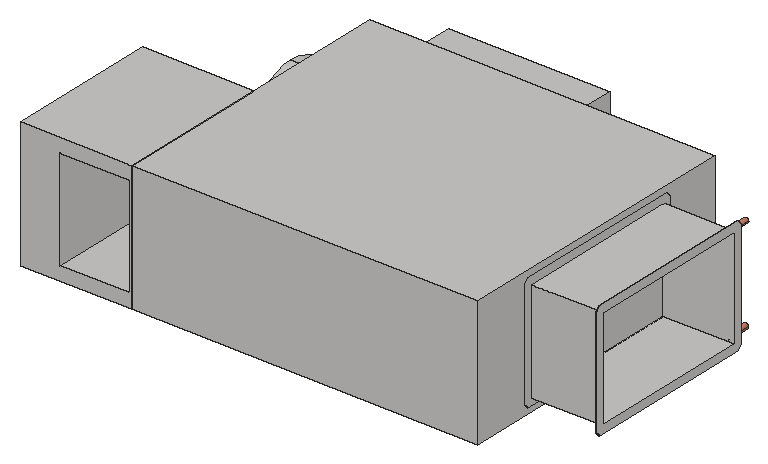
Revit family
Parameters
  Width = 3' - 1"
  Voltage = 208 V
  Unit Weight = if(and(Size Option = 1, Number of Rows = 1), "189.0 lbs", if(and(Size Option = 1, Number of Rows = 2), "192.0 lbs", if(and(Size Option = 2, Number of Rows = 1), "194.0 lbs", if(and(Size Option = 2, Number of Rows = 2), "197.0 lbs", "0"))))  # "189.0 lbs"
  UltraLoc Liner = Choose Liner Option = 3  # no
  URL = "http://www.titus-hvac.com/"
  UL = "181"
  Supply Air Flow [instance] = 0 CFM
  SteriLoc Liner = Choose Liner Option = 2  # no
  Size Option = 1
  Size C = Size Option = 2  # no
  Size B = Size Option = 1  # yes
  Secondary Material = Copper Connectors
  Primary Air Pressure Drop [instance] = 0.00 in-wg
  Primary Air Flow [instance] = 0 CFM
  Pressure [instance] = 0.00 psi
  Plenum Air Pressure Drop [instance] = 0.00 in-wg
  Plenum Air Flow [instance] = 0 CFM
  Outlet Width = 1' - 8 1/2"
  Outlet Height = 1' - 0 1/2"
  Number of Rows = 1
  Number of Poles = 2
  Nominal Width = Width + 0' 6 1/4"  # 3' - 7 1/4"
  Nominal Length = Length + 1' 1 7/8" + 0' 9"  # 5' - 5 7/8"
  Nominal Inlet Size = 1' - 0"
  Nominal Height = 1' - 4"
  NFPA = "90A"
  Motor Full Load Amps [instance] = 0.9 A
  Model = "DTFS-F"
  Min. Air Flow = 0 CFM
  Max. Air Flow = 2000 CFM
  Material = Galvanized Steel
  Manufacturer = "Titus"
  Length = 3' - 7"
  Juction Box Offset = 0' - 4 7/8"
  Inlet Diameter = Nominal Inlet Size - 0' 0 1/8"  # 0' - 11 7/8"
  Induced Air Inlet Width = 1' - 1 7/8"
  Induced Air Inlet Offset = (Height - Induced Air Inlet Connection Height) / 2  # 0' - 1 11/16"
  Induced Air Inlet Height = 1' - 7"
  Induced Air Inlet Connection Width = 0' - 8 3/4"
  Induced Air Inlet Connection Height = 1' - 0 5/8"
  Induced Air Filter = no
  Height = 1' - 4"
  Heating Total Capacity [instance] = 0 Btu/h
  Heating Entering Water Temp = 0 °F
  Half Outlet Connection Width = Outlet Width / 2  # 0' - 10 1/4"
  Half Outlet Connection Height = Outlet Height / 2  # 0' - 6 1/4"
  Half Height Start = -(Height / 2)  # -0' - 8"
  Half Height End = Height / 2  # 0' - 8"
  HWC Option = HWC Section : B-C - 1 Row
  HWC Connector Radius = 5/16"
  HP-Motor = "1/6"
  Gallons Per Minute [instance] = 0 GPM
  Frequency = 60 Hz
  Flange Offset = 0' - 1"
  Filter Size = "11\"x14\""
  Fiber Free Liner = Choose Liner Option = 1  # no
  Fan Disconnect Switch = no
  Duct Radius = Nominal Inlet Size / 2  # 0' - 6"
  Description = "Ultra Quiet Series Fan Powered Terminal Unit, Direct Digital Control, Pressure Independent"
  Connector Vertical Offset = 0' - 11 3/4"
  HWC Connector Length = 0' - 3"
  Connector Horizontal Offset = if(Number of Rows = 1, 0' 0", if(Number of Rows = 2, 0' 1", 0' 0"))  # 0' - 0"
  Connection Void Radius = Connection Radius - 0' 0 1/4"  # 0' - 5 11/16"
  Connection Radius = Inlet Diameter / 2  # 0' - 5 15/16"
  Choose Liner Option = 0
  CADworks URL = "www.CADworks.net"
  Assembly Code = "D3040100"
  Apparent Power [instance] = Voltage * Motor Full Load Amps  # 187.2 VA
  Air Inlet Offset = 0' - 8"
  1/2" Fiberglass Liner = Choose Liner Option = 0  # yes
  1" Fiberglass Liner = Choose Liner Option = 4  # no
Reference planes (in)
  plane 1 "Center (Front/Back)": y = 0
  plane 2: z = 0
  plane 3 "Center (Left/Right)": x = 3
  plane 4: x = -18.5
  plane 5: x = 24.5
  plane 6: x = -13.625
  plane 7: x = -21.875
  plane 8: z = 0
  plane 9: y = -18.5
  plane 10: y = 18.5
  plane 11: y = 10.5
  plane 12: z = 0
  plane 13: x = 33.5
  plane 14: x = 32.5
  plane 15: y = 13.25
  plane 16: y = 10.25
  plane 17: z = 5.875
  plane 18: z = -5.875
  plane 19: x = 32.5
  plane 20: y = 24.75
  plane 21: x = -32.375
  plane 22: z = 8
  plane 23: z = -8
Forms (in)
  Extrusion 1, solid, material "Galvanized Steel" <- "Material"
    sketch origin (0, 0, 0) x (1, 0, 0) y (0, 1, 0)
      loop
        line (-18.5, 18.5) -> (-18.5, -18.5) -> (24.5, -18.5) -> (24.5, 18.5) -> (-18.5, 18.5)
    from -8 <- "Half Height Start" to 8 <- "Half Height End"
  Extrusion 2, solid, material "Galvanized Steel" <- "Material"
    sketch origin (0, 0, 0) x (1, 0, 0) y (0, 1, 0)
      loop
        line (-32.375, 0.5) -> (-32.375, -18.5) -> (-18.5, -18.5) -> (-18.5, 0.5) -> (-32.375, 0.5)
    from -8 <- "Half Height Start" to 8 <- "Half Height End"
  Extrusion 3, void
    sketch origin (0, -18.5, 0) x (1, 0, 0) y (0, 0, -1)
      loop
        line (-18.75, 6.3125) -> (-27.5, 6.3125) -> (-27.5, -6.3125) -> (-18.75, -6.3125) -> (-18.75, 6.3125)
    from 0 to 16
  Extrusion 4, solid, material "Galvanized Steel" <- "Material"
    sketch origin (5, 0, 30) x (1, 0, 0) y (0, 1, 0)
      loop
        line (-18.625, 18.5) -> (1.375, 18.5) -> (1.375, 24.75) -> (-18.625, 24.75) -> (-18.625, 18.5)
    from -36 to -24
  Extrusion 5, solid, material "Galvanized Steel" <- "Material"
    sketch origin (-24.875, -2, 0) x (0, 0, -1) y (0, 1, 0)
      loop
        circle (0, 12.5) r 5.9375
    from 3 to 6.375
  Extrusion 6, void
    sketch origin (-24.875, 0, 0) x (0, 1, 0) y (0, 0, 1)
      loop
        circle (10.5, 0) r 5.6875
    from 3 to 11.25
  Extrusion 7, void, detail levels fine
    sketch origin (33.5, -10.25, 6.25) x (0, 0, 1) y (0, -1, 0)
      loop
        line (-12.5, 0) -> (-12.5, -20.5) -> (0, -20.5) -> (0, 0) -> (-12.5, 0)
    from -0.0625 to 0
  Extrusion 8, solid, material "Copper Connectors" <- "Secondary Material", detail levels fine
    sketch origin (0, 0, 0) x (1, 0, 0) y (0, 0, 1)
      loop
        circle (32.5, 5.875) r 0.3125
    from -13.25 to -10.3125
  Extrusion 9, solid, material "Copper Connectors" <- "Secondary Material", detail levels fine
    sketch origin (0, 0, 0) x (1, 0, 0) y (0, 0, 1)
      loop
        circle (32.5, -5.875) r 0.3125
    from -13.25 to -10.3125
Cuts and joins
  Extrusion 3 cuts Extrusion 2
  Extrusion 6 cuts Extrusion 1
  Extrusion 6 cuts Extrusion 5
Dimensions and locks (in)
  "Length": plane 5 to plane 4
  equal spacing: plane 5, plane 3 "Center (Left/Right)", plane 4
  locked: Extrusion 4 to plane 6 at 0
  locked: Extrusion 4 to Extrusion 4 at 20
  "Juction Box Offset": plane 6 to plane 4
  locked: plane 4 to plane 7 at 3.375
  "Width": plane 9 to plane 10
  equal spacing: plane 9, plane 1 "Center (Front/Back)", plane 10
  locked: Extrusion 5 sketch curve to level at 0
  locked: Extrusion 5 sketch curve to plane 11 at 0
  locked: Extrusion 6 sketch curve to level at 0
  locked: Extrusion 6 sketch curve to plane 11 at 0
  locked: Extrusion 4 to Extrusion 4 at 6.25
  locked: Extrusion 4 to Extrusion 4 at 12
  equal spacing: Extrusion 4, plane 8, Extrusion 4
  "Air Inlet Offset": plane 10 to plane 11
  "Induced Air Inlet Height": cut or joined group of Extrusion 2, Extrusion 3 to cut or joined group of Extrusion 2, Extrusion 3
  locked: cut or joined group of Extrusion 5, Extrusion 6 to cut or joined group of Extrusion 5, Extrusion 6 at 3.375
  "Induced Air Inlet Connection Height": Extrusion 3 sketch curve to Extrusion 3 sketch curve
  "Induced Air Inlet Offset": Extrusion 3 sketch curve to cut or joined group of Extrusion 2, Extrusion 3
  "Induced Air Inlet Connection Width": Extrusion 3 sketch curve to Extrusion 3 sketch curve
  locked: Extrusion 3 sketch curve to cut or joined group of Extrusion 1, Extrusion 6 at 0.25
  locked: plane 5 to plane 13 at 9
  locked: plane 14 to plane 13 at 1
  locked: plane 17 to plane 18 at 11.75
  equal spacing: plane 17, plane 12, plane 18
  "Connector Horizontal Offset": plane 19 to plane 14
  "HWC Connector Length": plane 16 to plane 15
  locked: cut or joined group of Extrusion 2, Extrusion 3 to cut or joined group of Extrusion 2, Extrusion 3 at 16
  equal spacing: cut or joined group of Extrusion 2, Extrusion 3, plane 12, cut or joined group of Extrusion 2, Extrusion 3
  locked: cut or joined group of Extrusion 1, Extrusion 6 to cut or joined group of Extrusion 2, Extrusion 3 at 16
  equal spacing: cut or joined group of Extrusion 1, Extrusion 6, plane 12, cut or joined group of Extrusion 1, Extrusion 6
  locked: cut or joined group of Extrusion 2, Extrusion 3 to cut or joined group of Extrusion 2, Extrusion 3 at 13.875
  locked: nested 1 to cut or joined group of Extrusion 1, Extrusion 6 at 1.6875
  locked: cut or joined group of Extrusion 1, Extrusion 6 to nested 1 at 1.6875
  "Connection Radius": radius of Extrusion 5 sketch curve
  "Connection Void Radius": radius of Extrusion 6 sketch curve
  "HWC Connector Radius": radius of Extrusion 8 sketch curve
  "HWC Connector Radius": radius of Extrusion 9 sketch curve
  aligned and locked: plane 10 to Extrusion 4
  aligned and locked: plane 7 to cut or joined group of Extrusion 5, Extrusion 6
  aligned and locked: plane 9 to cut or joined group of Extrusion 2, Extrusion 3  (x3)
  aligned and locked: nested 1 to Extrusion 8
  aligned and locked: plane 15 to Extrusion 8
  aligned and locked: nested 1 to Extrusion 9
  aligned and locked: plane 15 to Extrusion 9
  aligned and locked: plane 5 to cut or joined group of Extrusion 1, Extrusion 6
  aligned and locked: cut or joined group of Extrusion 1, Extrusion 6 to plane 10
  aligned and locked: plane 9 to cut or joined group of Extrusion 1, Extrusion 6
  aligned and locked: cut or joined group of Extrusion 1, Extrusion 6 to plane 4
  aligned and locked: cut or joined group of Extrusion 1, Extrusion 6 to nested 1
  aligned and locked: cut or joined group of Extrusion 5, Extrusion 6 to cut or joined group of Extrusion 1, Extrusion 6
  aligned and locked: cut or joined group of Extrusion 2, Extrusion 3 to cut or joined group of Extrusion 1, Extrusion 6
  aligned and locked: plane 6 to Extrusion 6
  aligned and locked: Extrusion 6 to plane 7
  aligned and locked: plane 22 to cut or joined group of Extrusion 2, Extrusion 3
  aligned and locked: plane 22 to cut or joined group of Extrusion 1, Extrusion 6
  aligned and locked: plane 23 to cut or joined group of Extrusion 2, Extrusion 3
  aligned and locked: plane 23 to cut or joined group of Extrusion 1, Extrusion 6
  aligned and locked: plane 20 to Extrusion 4
  aligned and locked: plane 13 to nested 1
  aligned and locked: plane 21 to cut or joined group of Extrusion 2, Extrusion 3
Automatic sketch dimensions
  Extrusion 1 sketch curve to plane 4 = 0' - 0"
  Extrusion 1 sketch curve to plane 5 = 0' - 0"
  Extrusion 1 sketch curve to plane 9 = 0' - 0"
  Extrusion 1 sketch curve to plane 10 = 0' - 0"
  Extrusion 2 sketch curve to plane 4 = 0' - 0"
  Extrusion 2 sketch curve to plane 9 = 0' - 0"
  Extrusion 2 sketch curve to plane 1 "Center (Front/Back)" = 0' - 0 1/2"
  Extrusion 4 sketch curve to plane 6 = 0' - 0"
  Extrusion 4 sketch curve to plane 10 = 0' - 0"
  plane 3 "Center (Left/Right)" to Extrusion 4 sketch curve = 0' - 3 3/8"
  Extrusion 4 sketch curve to plane 10 = 0' - 6 1/4"
  Extrusion 2 sketch curve to plane 7 = 0' - 10 1/2"
  Extrusion 7 sketch curve to nested 1 = 0' - 0"  (x4)
  Extrusion 8 sketch curve to plane 17 = 0' - 0"
  Extrusion 8 sketch curve to plane 19 = 0' - 0"
  Extrusion 9 sketch curve to plane 14 = 0' - 0"
  Extrusion 9 sketch curve to plane 18 = 0' - 0"
Nested families (in)
  nested 1: "HWC Section" at (29, 0, 0) x (0, 1, 0) z (0, 0, 1), type <- "HWC Option", type "B-C - 1 Row"
Connectors (in)
  electrical at (-3.625, 24.75, 0), driven by "Apparent Power", driven by "Voltage", driven by "Number of Poles"
    settings: on Extrusion 4, index 8
  hvac at (-21.875, 10.5, 0), driven by "Duct Radius", driven by "Primary Air Pressure Drop", driven by "Primary Air Flow"
    settings: on cut or joined group of Extrusion 5, Extrusion 6, index 9
  hvac at (-23.125, -18.5, 0), driven by "Induced Air Inlet Connection Height", driven by "Induced Air Inlet Connection Width", driven by "Plenum Air Pressure Drop", driven by "Plenum Air Flow"
    settings: on cut or joined group of Extrusion 2, Extrusion 3, index 10
  hvac at (33.5, 0, 0), driven by "Outlet Height", driven by "Outlet Width", driven by "Supply Air Flow"
    settings: on Extrusion 7, index 11
  piping at (32.5, 13.25, 5.875), driven by "Gallons Per Minute", driven by "Pressure", driven by "HWC Connector Radius"
    settings: on Extrusion 8, index 12
  piping at (32.5, 13.25, -5.875), driven by "Gallons Per Minute", driven by "HWC Connector Radius", driven by "Pressure"
    settings: on Extrusion 9, index 13
Definition of nested family "HWC Section"
  Parameters (values of type "B-C - 1 Row")
    Visibility = yes
    Secondary Material = Copper Connectors
    Number of Rows = 1
    Material = Galvanized Steel
    Half Width = HWC Width / 2  # 0' - 10 1/4"
    Half Length-Start = -(HWC Length / 2)  # -0' - 4 1/2"
    Half Length-End = HWC Length / 2  # 0' - 4 1/2"
    HWC Connection Radius = 5/16"
    Flange Offset = 0' - 1"
    Duct Vertical Offset = HWC Height - 0' 0 1/2"  # 1' - 0"
    Duct Horizontal Offset = HWC Width - 0' 0 1/2"  # 1' - 8"
    Connector Vertical Offset = 0' - 11 3/4"
    HWC Width = 1' - 8 1/2"
    HWC Height = 1' - 0 1/2"
    HWC Length = 0' - 9"  # constant formula
    Gallons Per Minute = 0 GPM
    Connector Length = 0' - 3"
    Connector Horizontal Offset = 0' - 0"
  Types (5): name | Number of Rows | Half Width | Flange Offset | Duct Vertical Offset | Duct Horizontal Offset | Connector Vertical Offset | HWC Width | HWC Height | Connector Horizontal Offset
    (no name) | 1 | 0' - 10 1/4" | 0' - 1" | 1' - 0" | 1' - 8" | 0' - 11 3/4" | 1' - 8 1/2" | 1' - 0 1/2" | 0' - 0"
    B-C - 1 Row | 1 | 0' - 10 1/4" | 0' - 1" | 1' - 0" | 1' - 8" | 0' - 11 3/4" | 1' - 8 1/2" | 1' - 0 1/2" | 0' - 0"
    B-C - 2 Row | 2 | 0' - 10 1/4" | 0' - 1" | 1' - 0" | 1' - 8" | 0' - 11 3/4" | 1' - 8 1/2" | 1' - 0 1/2" | 0' - 1"
    D-E - 1 Row | 1 | 1' - 0 1/2" | 0' - 1 1/4" | 1' - 5" | 2' - 0 1/2" | 1' - 4 1/4" | 2' - 1" | 1' - 5 1/2" | 0' - 0"
    D-E - 2 Row | 2 | 1' - 0 1/2" | 0' - 1 1/4" | 1' - 5" | 2' - 0 1/2" | 1' - 4 3/4" | 2' - 1" | 1' - 5 1/2" | 0' - 1"
  Reference planes (in)
    plane 1 "Center (Front/Back)": y = 0
    plane 2: z = 0
    plane 3 "Center (Left/Right)": x = 0
    plane 4: x = -10.25
    plane 5: x = 10.25
    plane 6: y = 4.5
    plane 7: y = -4.5
    plane 8: z = 6.25
    plane 9: z = -6.25
    plane 10: z = 5.875
    plane 11: z = -5.875
    plane 12: y = 3.5
    plane 13: y = 3.5
    plane 14: x = 13.25
  Forms (in)
    Extrusion 1, solid, material "Galvanized Steel" <- "Material", visible <- "Visibility"
      sketch origin (0, 0, 0) x (1, 0, 0) y (0, 0, 1)
        loop
          line (-10.3125, 6.3125) -> (-10.3125, -6.3125) -> (10.3125, -6.3125) -> (10.3125, 6.3125) -> (-10.3125, 6.3125)
      from -4.375 <- "Half Length-Start" to 4.5 <- "Half Length-End"
    Extrusion 2, void, detail levels fine
      sketch origin (0, 0, 0) x (1, 0, 0) y (0, 0, 1)
        loop
          line (-10.25, -6.25) -> (10.25, -6.25) -> (10.25, 6.25) -> (-10.25, 6.25) -> (-10.25, -6.25)
      from -4.5 <- "Half Length-Start" to 4.5 <- "Half Length-End"
    Extrusion 3, solid, material "Copper Connectors" <- "Secondary Material", visible <- "Visibility"
      sketch origin (6, 2.625, 0) x (0, 1, 0) y (0, 0, 1)
        loop
          circle (0.875, -5.875) r 0.3125
      from 4.3125 to 7.25
    Extrusion 4, solid, material "Galvanized Steel" <- "Material", visible <- "Visibility"
      sketch origin (0, -4.375, 0) x (1, 0, 0) y (0, 0, 1)
        loop
          line (-10.25, 6.25) -> (-10.25, -6.25) -> (10.25, -6.25) -> (10.25, 6.25) -> (-10.25, 6.25)
        loop
          line (-11.25, 6.75) -> (-11.25, -6.75) -> (-10.75, -7.25) -> (10.75, -7.25) -> (11.25, -6.75) -> (11.25, 6.75) -> (10.75, 7.25) -> (-10.75, 7.25) -> (-11.25, 6.75)
      from 0 to 0.125
    Extrusion 5, solid, material "Copper Connectors" <- "Secondary Material", visible <- "Visibility"
      sketch origin (6, -0.5, 0) x (0, 1, 0) y (0, 0, 1)
        loop
          circle (4, 5.875) r 0.3125
      from 4.3125 to 7.25
    Extrusion 6, solid, material "Galvanized Steel" <- "Material", visible <- "Visibility"
      sketch origin (0, 4.375, 0) x (1, 0, 0) y (0, 0, -1)
        loop
          line (-10.25, -6.25) -> (10.25, -6.25) -> (10.25, 6.25) -> (-10.25, 6.25) -> (-10.25, -6.25)
        loop
          line (-11.25, -6.75) -> (-10.75, -7.25) -> (10.75, -7.25) -> (11.25, -6.75) -> (11.25, 6.75) -> (10.75, 7.25) -> (-10.75, 7.25) -> (-11.25, 6.75) -> (-11.25, -6.75)
      from 0 to 0.125
  Cuts and joins
    Extrusion 2 cuts Extrusion 1
    joined: Extrusion 1, Extrusion 4, Extrusion 6
  Dimensions and locks (in)
    "HWC Width": plane 4 to plane 5
    equal spacing: plane 4, plane 3 "Center (Left/Right)", plane 5
    "HWC Height": plane 8 to plane 9
    equal spacing: plane 8, plane 2, plane 9
    equal spacing: plane 10, plane 2, plane 11
    locked: plane 12 to plane 6 at 1
    "Connector Horizontal Offset": plane 13 to plane 12
    locked: plane 7 to Extrusion 4 at 0.125
    locked: Extrusion 6 to plane 6 at 0.125
    locked: plane 4 to Extrusion 1 sketch curve at 0.0625
    locked: Extrusion 4 to Extrusion 1 sketch curve at 0.0625
    locked: Extrusion 1 sketch curve to plane 8 at 0.0625
    locked: plane 9 to Extrusion 1 sketch curve at 0.0625
    "Connector Length": plane 5 to plane 14
    "HWC Length": plane 6 to plane 7
    equal spacing: plane 6, plane 1 "Center (Front/Back)", plane 7
    "Connector Vertical Offset": plane 10 to plane 11
    equal spacing: plane 10, level, plane 11
    "HWC Width": Extrusion 4 sketch curve to Extrusion 4 sketch curve
    equal spacing: Extrusion 4 sketch curve, plane 3 "Center (Left/Right)", Extrusion 4 sketch curve
    "HWC Height": Extrusion 4 sketch curve to Extrusion 4 sketch curve
    equal spacing: Extrusion 4 sketch curve, plane 2, Extrusion 4 sketch curve
    "Flange Offset": cut or joined group of Extrusion 1, Extrusion 2, Extrusion 4, Extrusion 6 to plane 8
    "Flange Offset": plane 9 to cut or joined group of Extrusion 1, Extrusion 2, Extrusion 4, Extrusion 6
    locked: cut or joined group of Extrusion 1, Extrusion 2, Extrusion 4, Extrusion 6 to plane 4 at 1  (x2)
    locked: cut or joined group of Extrusion 1, Extrusion 2, Extrusion 4, Extrusion 6 to plane 5 at 1  (x2)
    "HWC Width": Extrusion 6 sketch curve to Extrusion 6 sketch curve
    "HWC Height": Extrusion 6 sketch curve to Extrusion 6 sketch curve
    equal spacing: Extrusion 6 sketch curve, plane 3 "Center (Left/Right)", Extrusion 6 sketch curve
    equal spacing: Extrusion 6 sketch curve, plane 2, Extrusion 6 sketch curve
    "HWC Height": Extrusion 2 sketch curve to Extrusion 2 sketch curve
    "HWC Width": Extrusion 2 sketch curve to Extrusion 2 sketch curve
    equal spacing: Extrusion 2 sketch curve, plane 3 "Center (Left/Right)", Extrusion 2 sketch curve
    equal spacing: Extrusion 2 sketch curve, plane 2, Extrusion 2 sketch curve
    locked: plane 5 to Extrusion 3 at 0.0625
    locked: plane 5 to Extrusion 5 at 0.0625
    "Flange Offset": Extrusion 6 sketch curve to plane 8  (x2)
    "Flange Offset": plane 9 to Extrusion 6 sketch curve  (x2)
    "HWC Connection Radius": radius of Extrusion 3 sketch curve
    "HWC Connection Radius": radius of Extrusion 5 sketch curve
    aligned and locked: plane 7 to Extrusion 4
    aligned and locked: plane 6 to Extrusion 6
    aligned and locked: plane 14 to Extrusion 5
    aligned and locked: plane 14 to Extrusion 3
    aligned and locked: Extrusion 6 to cut or joined group of Extrusion 1, Extrusion 2, Extrusion 4, Extrusion 6
    aligned and locked: Extrusion 4 to Extrusion 4
  Automatic sketch dimensions
    Extrusion 3 sketch curve to plane 11 = 0' - 0"
    Extrusion 3 sketch curve to plane 12 = 0' - 0"
    plane 4 to Extrusion 4 sketch curve = 0' - 1"
    plane 4 to Extrusion 4 sketch curve = 0' - 0 1/2"  (x2)
    Extrusion 4 sketch curve to plane 5 = 0' - 0 1/2"  (x2)
    Extrusion 4 sketch curve to Extrusion 4 sketch curve = 0' - 0 1/2"  (x3)
    Extrusion 4 sketch curve to plane 9 = 0' - 0 1/2"  (x2)
    plane 8 to Extrusion 4 sketch curve = 0' - 0 1/2"  (x2)
    Extrusion 5 sketch curve to plane 10 = 0' - 0"
    Extrusion 5 sketch curve to plane 13 = 0' - 0"
    plane 4 to Extrusion 6 sketch curve = 0' - 1"
    plane 4 to Extrusion 6 sketch curve = 0' - 0 1/2"  (x2)
    Extrusion 6 sketch curve to plane 5 = 0' - 0 1/2"  (x2)
    Extrusion 6 sketch curve to Extrusion 6 sketch curve = 0' - 0 1/2"  (x2)
    plane 8 to Extrusion 6 sketch curve = 0' - 0 1/2"  (x2)
    Extrusion 6 sketch curve to plane 9 = 0' - 0 1/2"
